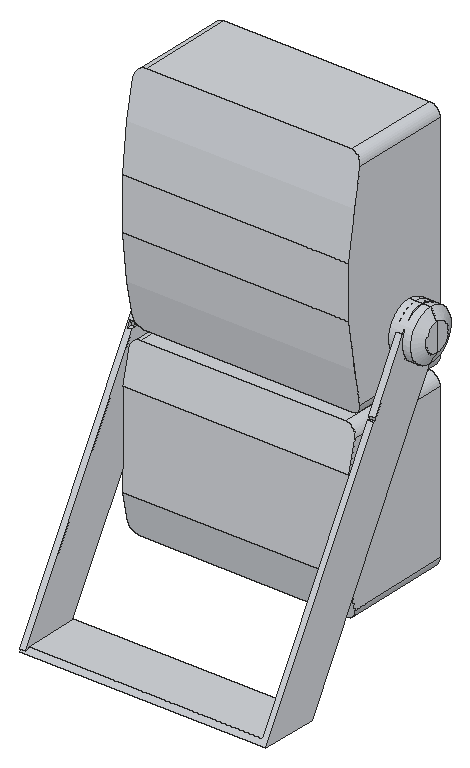
Revit family "Lighting-Floodlights-GEWISS-SMART[PRO]2.0-LED-MEDIUM-POWER_1MODULE_DALI.CLI", category Apparecchi per illuminazione, host Superficie, Revit 2019
Family settings
  Host = Superficie
  Quota connettore circolare = Usa diametro
  Tipo di parte = Normale
  Taglio con vuoti quando caricato = No
  Sorgente d'illuminazione = No
  Condiviso = No
  Punto di calcolo locali = Sì
Parameters (values of type "GWP2185ND - SMARTPRO2.0 1M 5700K CRI80 A3 DALI CL1")
  Wiring = "Watertight connector"
  Weight (kg): = "5,7"
  Warranty = "5 years"
  Voltage- = ""
  Versions = "5700K cold light"
  Version file RFA = "20.11"
  VISIBILITA' SIMBOLO [instance] = yes
  VISIBILITA' PROIETTORE IN PIANTA [instance] = not(VISIBILITA' SIMBOLO)  # no
  Unique digital code (Datamatrix) = "Currently not present"
  Unified Glare Rating = "G*6 - ULOR = 0"
  URL = "https://www.gewiss.com/ww/en"
  Typology = ""
  Type of light source = "LED - Not replaceable"
  Tilt- = "Rotation on bracket with integrated goniometer"
  Technical sheet = "https://www.gewiss.com/ww/en/search?q=GWP2185ND"
  System power = "165W"
  Supply voltage = "220 - 240 V"
  Stocking temperature = "-"
  Standards and approvals = "-"
  Standard- = "EN60598-1; EN60598-2-5; EN60598-2-24; IEC 62778; IEC62471; EN13201"
  Standard Deviation Colour Matching = "SDCM = 3"
  Spostamento_y_anteriore [instance] = 400 mm
  Spostamento_x_effettivo_ET [instance] = 4000 mm - Spostamento_x_ET  # 2938.794 mm
  Spostamento_x_effettivo [instance] = 4000 mm - Spostamento_x  # 2938.794 mm
  Spostamento_x_ET [instance] = 1061.206 mm
  Spostamento_x [instance] = 1061.206 mm
  Shock resistance = "IK08"
  Shield type = "Flat tempered glass 4mm"
  SEO = "Floodlight"
  Regolazione inclinazione = ""
  Realized by GEWISS S.p.A. = ""
  Rated frequency (Hz) = "50 / 60"
  Default Elevation = 1219.2 mm
  Produttore = "GEWISS S.p.A."
  Photobiological Risk Class = "-"
  Overvoltage resistance : = ""
  Overvoltage protection = "DM 6 kV / CM 10 kV"
  Optic and illuminating features = "-"
  Optic Maintenance = "Not available"
  Optic : = "Polished anodised aluminum reflector with 99.99% pure aluminum"
  Optic = "A3 - Assymetric Narrow"
  Operating temperature: = ""
  Operating temperature : = "-30 +50 °C"
  Number of modules = ""
  Nome quadro [instance] = "330W"
  Mouting and installation = "High-mast lighting - Wall mounting - Ground mouting"
  Modello = "GWP2185ND"
  Minimum distance from the illuminated object = ""
  Maximum surface exposed to the wind : = "0,085 m2"
  Maximum surface exposed to the wind = ""
  Materials = "-"
  Luminaire = "LED luminaire with small,mid and high lumen power"
  Lumen output (lm) = "17600"
  Locking Hook = "Hexagonal metric screws"
  Lifetime = "L90B10 (Tq+25°C) - 50000h L90B10 (Tq+50°C) = 32000h L80B10 (Tq+25°C) - 110000h"
  Life Time L90B10 (Tq 50Â°C) : = ""
  Life Time L90B10 (Tq 40Â°C) = ""
  Life Time L90B10 (Tq 25Â°C) : = ""
  Life Time L80B10 (Tq 25Â°C) = ""
  Lamp- = ""
  LED current = ""
  LED Maintenance = "Not available"
  Insulation class = "I"
  Installationa and maintenance = "-"
  Immagine tipo = SMARTPRO20_1M.jpg
  IPEA = "ROAD = A // LARGE AREAS = A3 + // CYCLOPEDONALS = A + // GREEN AREAS = A + // HISTORICAL CENTER = A5 + // OTHER = A5 +"
  IP degree = "IP66"
  IDT = "706d4f98386b454aa472bb2581cb3bfe"
  IDF = "6b732f17-0807-4800-995f-8617eb2233d5"
  Glow Wire Test : = "-"
  General information = "-"
  Gasket = "Anti-aging silicone"
  GW - Codice Electrocod = "2424"
  Flusso nominale = ""
  Fixing = "Bracket"
  External screw = "Stainless steel"
  Eletrical and lighting features = "-"
  Efficiency (lm/W) = "107"
  Driver Box = "Built-in"
  Driver = "Included"
  Device with reduced surface temperature = "Yes"
  Descrizione = "SMARTPRO2.0 1M 5700K CRI80 A3 DALI CL1"
  DIN 18032-3 certification = "Yes"
  Control System = "DALI"
  Context = "Sport, Big Areas"
  Colour temperature: = ""
  Colour temperature = "5700K"
  Colour : = "Polyester powder coated"
  Colour = "Graphite grey"
  Color Rendering Index = "CRI-80"
  Classification: = "-"
  Catalogue Range = ""
  Catalogue = "LIGHTING"
  COBie.Tagnumber = ""
  COBie.CreatedOn = ""
  COBie.CreatebBy = ""
  COBie.ComponentRegisterItemID = ""
  COBie.Component.TagNumber = ""
  COBie.Component.Space = ""
  COBie.Component.SerialNumber = ""
  COBie.Component.InstallationDate = ""
  COBie.Component.Description = ""
  COBie.Component.BarCode = ""
  Body = "Die-cast aluminium -"
  Applicazione = "Indoor / Outdoor"
Reference planes
  plane 1 "Centro (Fronte/Retro)": y = 0
  plane 2: z = 0
  plane 3 "Centro (Sinistra/Destra)": x = 0
  plane 4: x = -2938.794
  plane 5: x = 0
  plane 6: x = 0
  plane 7: x = -110.332
  plane 8: x = 0
  plane 9: z = 400
Lines and regions (mm)
  Masking region 1, visible <- "VISIBILITA' PROIETTORE IN PIANTA"
    outline origin (0, 0, 0) x (1, 0, 0) y (0, 1, 0)
      loop
        line (-113.096, 45.653) -> (-113.096, -114.347) -> (116.904, -114.347) -> (116.904, 45.653) -> (127.64, 45.653) -> (133.668, 56.093) -> (133.668, 82.169) -> (127.64, 92.61) -> (106.168, 92.61) -> (106.168, 106.682) -> (-106.168, 106.682) -> (-106.168, 92.61) -> (-127.64, 92.61) -> (-133.668, 82.169) -> (-133.668, 56.093) -> (-127.64, 45.653) -> (-113.096, 45.653)
  Masking region 2, visible <- "VISIBILITA' PROIETTORE IN PIANTA"
    outline origin (0, 0, 0) x (1, 0, 0) y (0, 0, 1)
      loop
        line (-103.332, 218.171) -> (106.168, 218.171) -> (106.168, 246.133) -> (127.64, 246.133) -> (133.668, 256.573) -> (133.668, 282.649) -> (127.64, 293.081) -> (106.168, 293.081) -> (106.168, 438.501) -> (-106.168, 438.501) -> (-106.168, 296.105) -> (-127.64, 296.105) -> (-133.668, 285.674) -> (-133.668, 259.598) -> (-127.64, 249.157) -> (-103.332, 249.157) -> (-103.332, 218.171)
      loop
        line (-103.332, 212.854) -> (-103.332, 48.854) -> (106.168, 48.854) -> (106.168, 212.854) -> (-103.332, 212.854)
  Masking region 3, visible <- "VISIBILITA' PROIETTORE IN PIANTA"
    outline origin (0, 0, 0) x (1, 0, 0) y (0, 0, 1)
      loop
        line (-115.056, 249.157) -> (-115.056, 0) -> (119.168, 0) -> (119.168, 246.133) -> (113.168, 246.133) -> (113.168, 5) -> (-110.332, 5) -> (-110.332, 249.157) -> (-115.056, 249.157)
Dimensions and locks
  plane 4 to plane 3 "Centro (Sinistra/Destra)" = 2938.794 mm
  "Spostamento_x_effettivo": plane 4 to plane 5
  "Spostamento_x_effettivo_ET": plane 4 to plane 6
  Masking region 2 sketch curve to nested 1 = 7 mm
  "Spostamento_x_effettivo": plane 8 to plane 4
  "Spostamento_y_anteriore": plane 9 to plane 2
  aligned and locked: plane 2 to host face
  aligned and locked: level to host face
  aligned and locked: plane 1 "Centro (Fronte/Retro)" to nested 1
  aligned and locked: plane 5 to nested 3
  aligned and locked: plane 6 to nested 2
  aligned and locked: nested 4 to plane 8
  aligned and locked: nested 4 to plane 9
Automatic sketch dimensions
  host sketch curve to host sketch curve = 2438.4 mm  (x2)
  Masking region 1 sketch curve to plane 3 "Centro (Sinistra/Destra)" = 133.668 mm
  Masking region 1 sketch curve to Masking region 1 sketch curve = 6.028 mm  (x3)
  Masking region 1 sketch curve to plane 1 "Centro (Fronte/Retro)" = 45.653 mm  (x2)
  Masking region 1 sketch curve to Masking region 1 sketch curve = 21.472 mm  (x2)
  plane 3 "Centro (Sinistra/Destra)" to Masking region 1 sketch curve = 106.168 mm
  plane 3 "Centro (Sinistra/Destra)" to Masking region 1 sketch curve = 116.904 mm
  Masking region 1 sketch curve to Masking region 1 sketch curve = 10.736 mm
  plane 1 "Centro (Fronte/Retro)" to Masking region 1 sketch curve = 114.347 mm
  Masking region 1 sketch curve to Masking region 1 sketch curve = 10.44 mm  (x4)
  Masking region 1 sketch curve to Masking region 1 sketch curve = 26.076 mm  (x2)
  Masking region 1 sketch curve to Masking region 1 sketch curve = 14.072 mm
  Masking region 1 sketch curve to Masking region 1 sketch curve = 14.543 mm
  Masking region 2 sketch curve to Masking region 2 sketch curve = 6.028 mm  (x4)
  Masking region 2 sketch curve to Masking region 2 sketch curve = 24.307 mm
  Masking region 2 sketch curve to Masking region 2 sketch curve = 0 mm  (x2)
  Masking region 2 sketch curve to plane 3 "Centro (Sinistra/Destra)" = 106.168 mm
  level to Masking region 2 sketch curve = 48.854 mm
  Masking region 2 sketch curve to Masking region 2 sketch curve = 21.472 mm  (x2)
  Masking region 2 sketch curve to Masking region 2 sketch curve = 164 mm
  Masking region 2 sketch curve to Masking region 2 sketch curve = 5.317 mm
  Masking region 2 sketch curve to Masking region 2 sketch curve = 27.962 mm
  Masking region 2 sketch curve to Masking region 2 sketch curve = 30.986 mm
  Masking region 2 sketch curve to Masking region 2 sketch curve = 10.44 mm  (x2)
  Masking region 2 sketch curve to Masking region 2 sketch curve = 26.076 mm  (x2)
  Masking region 2 sketch curve to Masking region 2 sketch curve = 10.432 mm  (x2)
  Masking region 2 sketch curve to Masking region 2 sketch curve = 142.396 mm
  plane 3 "Centro (Sinistra/Destra)" to Masking region 2 sketch curve = 106.168 mm
  Masking region 3 sketch curve to level = 0 mm
  Masking region 3 sketch curve to plane 3 "Centro (Sinistra/Destra)" = 115.056 mm
  Masking region 3 sketch curve to Masking region 3 sketch curve = 4.724 mm
  level to Masking region 3 sketch curve = 5 mm
  plane 3 "Centro (Sinistra/Destra)" to Masking region 3 sketch curve = 113.168 mm
  Masking region 3 sketch curve to Masking region 3 sketch curve = 244.157 mm
  Masking region 3 sketch curve to Masking region 3 sketch curve = 6 mm
  Masking region 3 sketch curve to Masking region 3 sketch curve = 3.025 mm
Nested families
  nested 1: "Base_SMART[PRO]2.0 1M" at (-346.832, -103.584, 0), type "GWP2273AD - 3000K - Symm. S1 - 2x80 LED - 330W - IP66"
    with Vista in pianta no, VISIBILITA' SIMBOLO IN PIANTA no, VISIBILITA' SIMBOLO yes, VISIBILITA' PROIETTORE IN PIANTA yes, VISIBILITA' ETICHETTA yes, Distanza_x_ET 0 mm, Distanza_x 300 mm, Distanza_effettiva_y_sim 2433.54 mm, Distanza_effettiva_y_ET 1320 mm, Distanza_effettiva_x_ET 4000 mm, Distanza_effettiva_x 3700 mm
  nested 2: "ETICHETTA LIGHT" at (0, -183.617, 0), type "ETICHETTA LIGHT"
  nested 3: "PROIETTSMART - 2" at (0, 16.651, 0), visible <- "VISIBILITA' SIMBOLO", type "PROIETTSMART - 2"
  nested 4: "PROIETTSMART - 2" at (0, 0, 400) x (1, 0, 0) z (0, -1, 0), visible <- "VISIBILITA' SIMBOLO", type "PROIETTSMART - 2"
Definition of nested family "Base_SMART[PRO]2.0 1M"
  Parameters (values of type "GWP2273AD - 3000K - Symm. S1 - 2x80 LED - 330W - IP66")
    struttura = none
    l = 440 mm  # constant formula
    Vista in pianta [instance] = no
    VISIBILITA' PROIETTORE IN PIANTA [instance] = yes
    VISIBILITA' ETICHETTA [instance] = yes
    Vetro = none
    Versioni = "Luce calda 3000K"
    VISIBILITA' SIMBOLO IN PIANTA [instance] = not(VISIBILITA' SIMBOLO)  # no
    VISIBILITA' SIMBOLO [instance] = yes
    Tensione lampada = 230 V
    Temperatura di colore = "3000 K (CRI 70)"
    Superficie massima esposta al vento [mq] = "0,43"
    Serie = "SMART [PRO] 2.0"
    Resistenza agli urti = "IK08"
    Regolazione inclinazione = "-180° ÷ + 180° staffa"
    Default Elevation = 1219.2 mm
    Manufacturer = "GEWISS"
    Potenza di sistema = "330W"
    Peso (kg) = "13"
    Ottica = "Simmetrica S1"
    N° LED = "160"
    Numero moduli = "2 (2x80 LED)"
    Numero di poli = 2
    Model = "GWP2273AS"
    Lumen output (lm) = "34925"
    Lamp = "LED"
    Type Image = element 166027
    GW - Grado di protezione = "IP66"
    Garanzia = "5 anni"
    GEWISS SCHEDA TECNICA = "http://pro.gewiss.com/irj/portal/?NavigationTarget=pcd:portal_content/com.gewiss.ZPPFDMain/com.gewiss.ZPPFDITMain/com.gewiss.ZPPFDITMainDefault/com.gewiss.ZPPFDITPages/com.gewiss.ZPPFDITPagesAP/com.gewiss.ZPPFDITPagesAPCatalogo/com.gewiss.ZPPPDITAPProductDetail&codProd=GWP2273AD"
    Flusso nominale = "44800"
    Distanza_x_ET [instance] = 0 mm
    Distanza_x [instance] = 300 mm
    Distanza_effettiva_y_sim [instance] = 2433.54 mm
    Distanza_effettiva_y_ET [instance] = 1320 mm
    Distanza_effettiva_x_ET [instance] = 4000 mm - Distanza_x_ET  # 4000 mm
    Distanza_effettiva_x [instance] = 4000 mm - Distanza_x  # 3700 mm
    Description = "SMART PRO 2M 3000K CRI70 TYPE S1 DALI"
    GW - Codice Electrocod = "2424"
    Classe isolamento = "I"
    GW - Catalogo = "LIGHTING"
    Apparent Load = 330 VA
    Applicazione = "Interno / Esterno"
  Types (24, lengths in mm): name | Versioni | Temperatura di colore | Ottica | Lumen output (lm) | GEWISS SCHEDA TECNICA | Flusso nominale | Distanza_x | Distanza_effettiva_y_ET | Distanza_effettiva_x | Description
    GWP2273AD - 3000K - Symm. S1 - 2x80 LED - 330W - IP66 | "Luce calda 3000K" | "3000 K (CRI 70)" | "Simmetrica S1" | "34925" | "http://pro.gewiss.com/irj/portal/?NavigationTarget=pcd:portal_content/com.gewiss.ZPPFDMain/com.gewiss.ZPPFDITMain/com.gewiss.ZPPFDITMainDefault/com.gewiss.ZPPFDITPages/com.gewiss.ZPPFDITPagesAP/com.gewiss.ZPPFDITPagesAPCatalogo/com.gewiss.ZPPPDITAPProductDetail&codProd=GWP2273AD" | "44800" | 300 | 1320 | 3700 | "SMART PRO 2M 3000K CRI70 TYPE S1 DALI"
    GWP2273BD - 3000K - Symm. S2 - 2x80 LED - 330W - IP66 | "Luce calda 3000K" | "3000 K (CRI 70)" | "Simmetrica S2" | "37137" | "http://pro.gewiss.com/irj/portal/?NavigationTarget=pcd:portal_content/com.gewiss.ZPPFDMain/com.gewiss.ZPPFDITMain/com.gewiss.ZPPFDITMainDefault/com.gewiss.ZPPFDITPages/com.gewiss.ZPPFDITPagesAP/com.gewiss.ZPPFDITPagesAPCatalogo/com.gewiss.ZPPPDITAPProductDetail&codProd=GWP2273BD" | "44800" | 0 | 400 | 4000 | "SMART PRO 2M 3000K CRI70 TYPE S2 DALI"
    GWP2273CD - 3000K - Asymm. A1 - 2x80 LED - 330W - IP66 | "Luce calda 3000K" | "3000 K (CRI 70)" | "Asimmetrica A1" | "34141" | "http://pro.gewiss.com/irj/portal/?NavigationTarget=pcd:portal_content/com.gewiss.ZPPFDMain/com.gewiss.ZPPFDITMain/com.gewiss.ZPPFDITMainDefault/com.gewiss.ZPPFDITPages/com.gewiss.ZPPFDITPagesAP/com.gewiss.ZPPFDITPagesAPCatalogo/com.gewiss.ZPPPDITAPProductDetail&codProd=GWP2273CD" | "44800" | 0 | 400 | 4000 | "SMART PRO 2M 3000K CRI70 TYPE A1 DALI"
    GWP2273FD - 3000K - Asymm. A2 - 2x80 LED - 330W - IP66 | "Luce calda 3000K" | "3000 K (CRI 70)" | "Asimmetrica A2" | "29176" | "http://pro.gewiss.com/irj/portal/?NavigationTarget=pcd:portal_content/com.gewiss.ZPPFDMain/com.gewiss.ZPPFDITMain/com.gewiss.ZPPFDITMainDefault/com.gewiss.ZPPFDITPages/com.gewiss.ZPPFDITPagesAP/com.gewiss.ZPPFDITPagesAPCatalogo/com.gewiss.ZPPPDITAPProductDetail&codProd=GWP2273FD" | "44800" | 0 | 400 | 4000 | "SMART PRO 2M 3000K CRI70 TYPE A2 DALI"
    GWP2273GD - 3000K - Circ. C4 - 2x80 LED - 330W - IP66 | "Luce calda 3000K" | "3000 K (CRI 70)" | "Circolare C4" | "35261" | "http://pro.gewiss.com/irj/portal/?NavigationTarget=pcd:portal_content/com.gewiss.ZPPFDMain/com.gewiss.ZPPFDITMain/com.gewiss.ZPPFDITMainDefault/com.gewiss.ZPPFDITPages/com.gewiss.ZPPFDITPagesAP/com.gewiss.ZPPFDITPagesAPCatalogo/com.gewiss.ZPPPDITAPProductDetail&codProd=GWP2273GD" | "44800" | 0 | 400 | 4000 | "SMART PRO 2M 3000K CRI70 TYPE C4 DALI"
    GWP2273HD - 3000K - Circ. C3 - 2x80 LED - 330W - IP66 | "Luce calda 3000K" | "3000 K (CRI 70)" | "Circolare C3" | "35261" | "http://pro.gewiss.com/irj/portal/?NavigationTarget=pcd:portal_content/com.gewiss.ZPPFDMain/com.gewiss.ZPPFDITMain/com.gewiss.ZPPFDITMainDefault/com.gewiss.ZPPFDITPages/com.gewiss.ZPPFDITPagesAP/com.gewiss.ZPPFDITPagesAPCatalogo/com.gewiss.ZPPPDITAPProductDetail&codProd=GWP2273HD" | "44800" | 0 | 400 | 4000 | "SMART PRO 2M 3000K CRI70 TYPE C3 DALI"
    GWP2273LD - 3000K - Circ. C2 - 2x80 LED - 330W - IP66 | "Luce calda 3000K" | "3000 K (CRI 70)" | "Circolare C2" | "35261" | "http://pro.gewiss.com/irj/portal/?NavigationTarget=pcd:portal_content/com.gewiss.ZPPFDMain/com.gewiss.ZPPFDITMain/com.gewiss.ZPPFDITMainDefault/com.gewiss.ZPPFDITPages/com.gewiss.ZPPFDITPagesAP/com.gewiss.ZPPFDITPagesAPCatalogo/com.gewiss.ZPPPDITAPProductDetail&codProd=GWP2273LD" | "44800" | 0 | 400 | 4000 | "SMART PRO 2M 3000K CRI70 TYPE C2 DALI"
    GWP2273MD - 3000K - Circ. C1 - 2x80 LED - 330W - IP66 | "Luce calda 3000K" | "3000 K (CRI 70)" | "Circolare C1" | "35261" | "http://pro.gewiss.com/irj/portal/?NavigationTarget=pcd:portal_content/com.gewiss.ZPPFDMain/com.gewiss.ZPPFDITMain/com.gewiss.ZPPFDITMainDefault/com.gewiss.ZPPFDITPages/com.gewiss.ZPPFDITPagesAP/com.gewiss.ZPPFDITPagesAPCatalogo/com.gewiss.ZPPPDITAPProductDetail&codProd=GWP2273MD" | "44800" | 0 | 400 | 4000 | "SMART PRO 2M 3000K CRI70 TYPE C1 DALI"
    GWP2274AD - 4000K - Symm. S1 - 2x80 LED - 330W - IP66 | "Luce naturale 4000K" | "4000 K (CRI 70)" | "Simmetrica S1" | "37420" | "http://pro.gewiss.com/irj/portal/?NavigationTarget=pcd:portal_content/com.gewiss.ZPPFDMain/com.gewiss.ZPPFDITMain/com.gewiss.ZPPFDITMainDefault/com.gewiss.ZPPFDITPages/com.gewiss.ZPPFDITPagesAP/com.gewiss.ZPPFDITPagesAPCatalogo/com.gewiss.ZPPPDITAPProductDetail&codProd=GWP2274AD" | "48000" | 0 | 400 | 4000 | "SMART PRO 2M 4000K CRI70 TYPE S1 DALI"
    GWP2274BD - 4000K - Symm. S2 - 2x80 LED - 330W - IP66 | "Luce naturale 4000K" | "4000 K (CRI 70)" | "Simmetrica S2" | "39790" | "http://pro.gewiss.com/irj/portal/?NavigationTarget=pcd:portal_content/com.gewiss.ZPPFDMain/com.gewiss.ZPPFDITMain/com.gewiss.ZPPFDITMainDefault/com.gewiss.ZPPFDITPages/com.gewiss.ZPPFDITPagesAP/com.gewiss.ZPPFDITPagesAPCatalogo/com.gewiss.ZPPPDITAPProductDetail&codProd=GWP2274BD" | "48000" | 0 | 400 | 4000 | "SMART PRO 2M 4000K CRI70 TYPE S2 DALI"
    GWP2274CD - 4000K - Asymm. A1 - 2x80 LED - 330W - IP66 | "Luce naturale 4000K" | "4000 K (CRI 70)" | "Asimmetrica A1" | "36580" | "http://pro.gewiss.com/irj/portal/?NavigationTarget=pcd:portal_content/com.gewiss.ZPPFDMain/com.gewiss.ZPPFDITMain/com.gewiss.ZPPFDITMainDefault/com.gewiss.ZPPFDITPages/com.gewiss.ZPPFDITPagesAP/com.gewiss.ZPPFDITPagesAPCatalogo/com.gewiss.ZPPPDITAPProductDetail&codProd=GWP2274CD" | "48000" | 0 | 400 | 4000 | "SMART PRO 2M 4000K CRI70 TYPE A1 DALI"
    GWP2274FD - 4000K - Asymm. A2 - 2x80 LED - 330W - IP66 | "Luce naturale 4000K" | "4000 K (CRI 70)" | "Asimmetrica A2" | "31260" | "http://pro.gewiss.com/irj/portal/?NavigationTarget=pcd:portal_content/com.gewiss.ZPPFDMain/com.gewiss.ZPPFDITMain/com.gewiss.ZPPFDITMainDefault/com.gewiss.ZPPFDITPages/com.gewiss.ZPPFDITPagesAP/com.gewiss.ZPPFDITPagesAPCatalogo/com.gewiss.ZPPPDITAPProductDetail&codProd=GWP2274FD" | "48000" | 0 | 400 | 4000 | "SMART PRO 2M 4000K CRI70 TYPE A2 DALI"
    GWP2274GD - 4000K - Circ. C4 - 2x80 LED - 330W - IP66 | "Luce naturale 4000K" | "4000 K (CRI 70)" | "Circolare C4" | "37780" | "http://pro.gewiss.com/irj/portal/?NavigationTarget=pcd:portal_content/com.gewiss.ZPPFDMain/com.gewiss.ZPPFDITMain/com.gewiss.ZPPFDITMainDefault/com.gewiss.ZPPFDITPages/com.gewiss.ZPPFDITPagesAP/com.gewiss.ZPPFDITPagesAPCatalogo/com.gewiss.ZPPPDITAPProductDetail&codProd=GWP2274GD" | "48000" | 0 | 400 | 4000 | "SMART PRO 2M 4000K CRI70 TYPE C4 DALI"
    GWP2274HD - 4000K - Circ. C3 - 2x80 LED - 330W - IP66 | "Luce naturale 4000K" | "4000 K (CRI 70)" | "Circolare C3" | "37780" | "http://pro.gewiss.com/irj/portal/?NavigationTarget=pcd:portal_content/com.gewiss.ZPPFDMain/com.gewiss.ZPPFDITMain/com.gewiss.ZPPFDITMainDefault/com.gewiss.ZPPFDITPages/com.gewiss.ZPPFDITPagesAP/com.gewiss.ZPPFDITPagesAPCatalogo/com.gewiss.ZPPPDITAPProductDetail&codProd=GWP2274HD" | "48000" | 0 | 400 | 4000 | "SMART PRO 2M 4000K CRI70 TYPE C3 DALI"
    GWP2274LD - 4000K - Circ. C2 - 2x80 LED - 330W - IP66 | "Luce naturale 4000K" | "4000 K (CRI 70)" | "Circolare C2" | "37780" | "http://pro.gewiss.com/irj/portal/?NavigationTarget=pcd:portal_content/com.gewiss.ZPPFDMain/com.gewiss.ZPPFDITMain/com.gewiss.ZPPFDITMainDefault/com.gewiss.ZPPFDITPages/com.gewiss.ZPPFDITPagesAP/com.gewiss.ZPPFDITPagesAPCatalogo/com.gewiss.ZPPPDITAPProductDetail&codProd=GWP2274LD" | "48000" | 0 | 400 | 4000 | "SMART PRO 2M 4000K CRI70 TYPE C2 DALI"
    GWP2274MD - 4000K - Circ. C1 - 2x80 LED - 330W - IP66 | "Luce naturale 4000K" | "4000 K (CRI 70)" | "Circolare C1" | "37780" | "http://pro.gewiss.com/irj/portal/?NavigationTarget=pcd:portal_content/com.gewiss.ZPPFDMain/com.gewiss.ZPPFDITMain/com.gewiss.ZPPFDITMainDefault/com.gewiss.ZPPFDITPages/com.gewiss.ZPPFDITPagesAP/com.gewiss.ZPPFDITPagesAPCatalogo/com.gewiss.ZPPPDITAPProductDetail&codProd=GWP2274MD" | "48000" | 0 | 400 | 4000 | "SMART PRO 2M 4000K CRI70 TYPE C1 DALI"
    GWP2275AD - 5700K - Symm. S1 - 2x80 LED - 330W - IP66 | "Luce fredda 5700K" | "5700 K (CRI 70)" | "Simmetrica S1" | "37420" | "http://pro.gewiss.com/irj/portal/?NavigationTarget=pcd:portal_content/com.gewiss.ZPPFDMain/com.gewiss.ZPPFDITMain/com.gewiss.ZPPFDITMainDefault/com.gewiss.ZPPFDITPages/com.gewiss.ZPPFDITPagesAP/com.gewiss.ZPPFDITPagesAPCatalogo/com.gewiss.ZPPPDITAPProductDetail&codProd=GWP2275AD" | "48000" | 0 | 400 | 4000 | "SMART PRO 2M 5700K CRI70 TYPE S1 DALI"
    GWP2275BD - 5700K - Symm. S2 - 2x80 LED - 330W - IP66 | "Luce fredda 5700K" | "5700 K (CRI 70)" | "Simmetrica S2" | "39790" | "http://pro.gewiss.com/irj/portal/?NavigationTarget=pcd:portal_content/com.gewiss.ZPPFDMain/com.gewiss.ZPPFDITMain/com.gewiss.ZPPFDITMainDefault/com.gewiss.ZPPFDITPages/com.gewiss.ZPPFDITPagesAP/com.gewiss.ZPPFDITPagesAPCatalogo/com.gewiss.ZPPPDITAPProductDetail&codProd=GWP2275BD" | "48000" | 0 | 400 | 4000 | "SMART PRO 2M 5700K CRI70 TYPE S2 DALI"
    GWP2275CD - 5700K - Asymm. A1 - 2x80 LED - 330W - IP66 | "Luce fredda 5700K" | "5700 K (CRI 70)" | "Asimmetrica A1" | "36580" | "http://pro.gewiss.com/irj/portal/?NavigationTarget=pcd:portal_content/com.gewiss.ZPPFDMain/com.gewiss.ZPPFDITMain/com.gewiss.ZPPFDITMainDefault/com.gewiss.ZPPFDITPages/com.gewiss.ZPPFDITPagesAP/com.gewiss.ZPPFDITPagesAPCatalogo/com.gewiss.ZPPPDITAPProductDetail&codProd=GWP2275CD" | "48000" | 0 | 400 | 4000 | "SMART PRO 2M 5700K CRI70 TYPE A1 DALI"
    GWP2275FD - 5700K - Asymm. A2 - 2x80 LED - 330W - IP66 | "Luce fredda 5700K" | "5700 K (CRI 70)" | "Asimmetrica A2" | "31260" | "http://pro.gewiss.com/irj/portal/?NavigationTarget=pcd:portal_content/com.gewiss.ZPPFDMain/com.gewiss.ZPPFDITMain/com.gewiss.ZPPFDITMainDefault/com.gewiss.ZPPFDITPages/com.gewiss.ZPPFDITPagesAP/com.gewiss.ZPPFDITPagesAPCatalogo/com.gewiss.ZPPPDITAPProductDetail&codProd=GWP2275FD" | "48000" | 0 | 400 | 4000 | "SMART PRO 2M 5700K CRI70 TYPE A2 DALI"
    GWP2275GD - 5700K - Circ. C4 - 2x80 LED - 330W - IP66 | "Luce fredda 5700K" | "5700 K (CRI 70)" | "Circolare C4" | "37780" | "http://pro.gewiss.com/irj/portal/?NavigationTarget=pcd:portal_content/com.gewiss.ZPPFDMain/com.gewiss.ZPPFDITMain/com.gewiss.ZPPFDITMainDefault/com.gewiss.ZPPFDITPages/com.gewiss.ZPPFDITPagesAP/com.gewiss.ZPPFDITPagesAPCatalogo/com.gewiss.ZPPPDITAPProductDetail&codProd=GWP2275GD" | "48000" | 0 | 400 | 4000 | "SMART PRO 2M 5700K CRI70 TYPE C4 DALI"
    GWP2275HD - 5700K - Circ. C3 - 2x80 LED - 330W - IP66 | "Luce fredda 5700K" | "5700 K (CRI 70)" | "Circolare C3" | "37780" | "http://pro.gewiss.com/irj/portal/?NavigationTarget=pcd:portal_content/com.gewiss.ZPPFDMain/com.gewiss.ZPPFDITMain/com.gewiss.ZPPFDITMainDefault/com.gewiss.ZPPFDITPages/com.gewiss.ZPPFDITPagesAP/com.gewiss.ZPPFDITPagesAPCatalogo/com.gewiss.ZPPPDITAPProductDetail&codProd=GWP2275HD" | "48000" | 0 | 400 | 4000 | "SMART PRO 2M 5700K CRI70 TYPE C3 DALI"
    GWP2275LD - 5700K - Circ. C2 - 2x80 LED - 330W - IP66 | "Luce fredda 5700K" | "5700 K (CRI 70)" | "Circolare C2" | "37780" | "http://pro.gewiss.com/irj/portal/?NavigationTarget=pcd:portal_content/com.gewiss.ZPPFDMain/com.gewiss.ZPPFDITMain/com.gewiss.ZPPFDITMainDefault/com.gewiss.ZPPFDITPages/com.gewiss.ZPPFDITPagesAP/com.gewiss.ZPPFDITPagesAPCatalogo/com.gewiss.ZPPPDITAPProductDetail&codProd=GWP2275LD" | "48000" | 0 | 400 | 4000 | "SMART PRO 2M 5700K CRI70 TYPE C2 DALI"
    GWP2275MD - 5700K - Circ. C1 - 2x80 LED - 330W - IP66 | "Luce fredda 5700K" | "5700 K (CRI 70)" | "Circolare C1" | "37780" | "http://pro.gewiss.com/irj/portal/?NavigationTarget=pcd:portal_content/com.gewiss.ZPPFDMain/com.gewiss.ZPPFDITMain/com.gewiss.ZPPFDITMainDefault/com.gewiss.ZPPFDITPages/com.gewiss.ZPPFDITPagesAP/com.gewiss.ZPPFDITPagesAPCatalogo/com.gewiss.ZPPPDITAPProductDetail&codProd=GWP2275MD" | "48000" | 0 | 400 | 4000 | "SMART PRO 2M 5700K CRI70 TYPE C1 DALI"
  Reference planes
    plane 1 "Centro (Fronte/Retro)": y = 0
    plane 2: z = 0
    plane 3 "Centro (Sinistra/Destra)": x = 0
    plane 4: z = 5
    plane 5: x = 466
    plane 6: x = 460
    plane 7: y = -9.551
    plane 8: y = 43.565
    plane 9: z = 267.876
    plane 10: z = 218.171
    plane 11: z = 212.854
    plane 12: x = 453
    plane 13: z = 438.501
    plane 14: x = 236.5
    plane 15: z = 48.854
    plane 16 "fronte": y = 210.266
    plane 17: y = 103.584
    plane 18: z = 428.501
    plane 19: z = 228.171
    plane 20: x = 443
    plane 21: y = 200.266
    plane 22: x = 220.335
    plane 23: x = 252.665
    plane 24: y = 195.345
    plane 25: z = 367.712
    plane 26: z = 306.922
    plane 27: x = 254.665
    plane 28: x = 441
    plane 29: z = 246.133
    plane 30: z = 426.501
    plane 31: z = 365.712
    plane 32: z = 369.712
    plane 33: z = 308.922
    plane 34: z = 304.922
    plane 35: z = 248.133
    plane 36: z = 244.133
    plane 37: x = -3763.5
    plane 38: x = 240.665
    plane 39: x = 213.665
    plane 40: x = 346.832
    plane 41: x = 236.5
  Forms (mm)
    Extrusion 1, solid
      sketch origin (0, 0, 2.872) x (0, 1, 0) y (0, 0, 1)
        loop
          line (153.15, 281.807) -> (-9.551, 0) -> (43.565, 0) -> (192.952, 258.745)
          arc (192.952, 258.745) -> (184.564, 290.146) -> (153.15, 281.807) r 23
      from 235.316 to 240.665
    Extrusion 2, solid
      sketch origin (448.871, 0, 0) x (0, 1, 0) y (0, 0, -1)
        loop
          arc (153.15, -281.807) -> (184.564, -290.146) -> (192.952, -258.745) r 23
          line (192.952, -258.745) -> (43.565, 0) -> (-9.551, 0) -> (153.15, -281.807)
      from -17.129 to -11.129
    Extrusion 3, solid
      sketch origin (0, 0, 0) x (0, 1, 0) y (0, 0, 1)
        loop
          line (46.452, 5) -> (-6.664, 5) -> (-9.551, 0) -> (43.565, 0) -> (46.452, 5)
      from 235.316 to 466
    Extrusion 4, solid
      sketch origin (0, 0, 0) x (1, 0, 0) y (0, 0, 1)
        loop
          arc (250.665, 438.501) -> (243.594, 435.572) -> (240.665, 428.501) r 10
          line (240.665, 428.501) -> (240.665, 228.171)
          arc (240.665, 228.171) -> (243.594, 221.1) -> (250.665, 218.171) r 10
          line (250.665, 218.171) -> (443, 218.171)
          arc (443, 218.171) -> (450.071, 221.1) -> (453, 228.171) r 10
          line (453, 228.171) -> (453, 428.501)
          arc (453, 428.501) -> (450.071, 435.572) -> (443, 438.501) r 10
          line (443, 438.501) -> (250.665, 438.501)
      from -210.266 to -103.584
    Extrusion 5, solid
      sketch origin (0, 0, 0) x (1, 0, 0) y (0, 0, 1)
        loop
          line (250.665, 48.854) -> (443, 48.854)
          arc (443, 48.854) -> (450.071, 51.783) -> (453, 58.854) r 10
          line (453, 58.854) -> (453, 202.854)
          arc (453, 202.854) -> (450.071, 209.925) -> (443, 212.854) r 10
          line (443, 212.854) -> (250.665, 212.854)
          arc (250.665, 212.854) -> (243.594, 209.925) -> (240.665, 202.854) r 10
          line (240.665, 202.854) -> (240.665, 58.854)
          arc (240.665, 58.854) -> (243.594, 51.783) -> (250.665, 48.854) r 10
      from -210.266 to -103.584
    Extrusion 6, void
      sketch origin (0, 0, 0) x (0, 1, 0) y (0, 0, 1)
        loop
          line (0, 438.501) -> (0, 218.171) -> (119.109, 218.171)
          arc (119.109, 218.171) -> (108.875, 260.63) -> (103.584, 303.983) r 379.693
          line (103.584, 303.983) -> (103.584, 352.689)
          arc (103.584, 352.689) -> (108.875, 396.042) -> (119.109, 438.501) r 379.693
          line (119.109, 438.501) -> (0, 438.501)
      from 236.5 to 466
    Extrusion 7, void
      sketch origin (0, 0, 0) x (1, 0, 0) y (0, 0, 1)
        loop
          arc (262.665, 428.501) -> (255.594, 425.572) -> (252.665, 418.501) r 10
          line (252.665, 418.501) -> (252.665, 238.171)
          arc (252.665, 238.171) -> (255.594, 231.1) -> (262.665, 228.171) r 10
          line (262.665, 228.171) -> (433, 228.171)
          arc (433, 228.171) -> (440.071, 231.1) -> (443, 238.171) r 10
          line (443, 238.171) -> (443, 418.501)
          arc (443, 418.501) -> (440.071, 425.572) -> (433, 428.501) r 10
          line (433, 428.501) -> (262.665, 428.501)
      from -210.266 to -200.266
    Extrusion 8, solid, material <- "Vetro"
      sketch origin (0, 0, 0) x (1, 0, 0) y (0, 0, 1)
        loop
          line (252.665, 418.501) -> (252.665, 238.171)
          arc (252.665, 238.171) -> (255.594, 231.1) -> (262.665, 228.171) r 10
          line (262.665, 228.171) -> (433, 228.171)
          arc (433, 228.171) -> (440.071, 231.1) -> (443, 238.171) r 10
          line (443, 238.171) -> (443, 418.501)
          arc (443, 418.501) -> (440.071, 425.572) -> (433, 428.501) r 10
          line (433, 428.501) -> (262.665, 428.501)
          arc (262.665, 428.501) -> (255.594, 425.572) -> (252.665, 418.501) r 10
      from -210.266 to -200.266
    Extrusion 9, void
      sketch origin (0, 0, 0) x (0, 1, 0) y (0, 0, 1)
        loop
          line (103.584, 86.118) -> (103.584, 175.59)
          arc (103.584, 175.59) -> (107.698, 194.338) -> (112.752, 212.854) r 380
          line (112.752, 212.854) -> (0, 212.854) -> (0, 48.854) -> (112.752, 48.854)
          arc (112.752, 48.854) -> (107.698, 67.37) -> (103.584, 86.118) r 380
      from 240.665 to 453
    Revolve 10, solid
      sketch origin (287.979, 172.716, 2.872) x (1, 0, 0) y (0, 0, 1)
        loop
          line (-74.814, 269.764) -> (-47.314, 269.764) -> (-47.314, 293.242) -> (-68.786, 293.242) -> (-74.814, 282.802) -> (-74.814, 269.764)
        axis (-74.814, 269.764) -> (-47.314, 269.764)
      angle from 0 to 360
    Revolve 11, solid
      sketch origin (0, 172.716, 0) x (1, 0, 0) y (0, 0, 1)
        loop
          line (480.171, 269.764) -> (480.171, 282.802) -> (474.143, 293.242) -> (452.671, 293.242) -> (452.671, 269.764) -> (480.171, 269.764)
        axis (480.171, 269.764) -> (452.671, 269.764)
      angle from 0 to 360
    Extrusion 12, solid, detail levels medium+fine
      sketch origin (0, 0, 0) x (1, 0, 0) y (0, 0, 1)
        loop
          line (441, 426.501) -> (381.555, 426.501) -> (381.555, 369.712) -> (441, 369.712) -> (441, 426.501)
        loop
          line (441, 365.712) -> (381.555, 365.712) -> (381.555, 308.922) -> (441, 308.922) -> (441, 365.712)
        loop
          line (377.555, 426.501) -> (318.11, 426.501) -> (318.11, 369.712) -> (377.555, 369.712) -> (377.555, 426.501)
        loop
          line (314.11, 426.501) -> (254.665, 426.501) -> (254.665, 369.712) -> (314.11, 369.712) -> (314.11, 426.501)
        loop
          line (441, 304.922) -> (381.555, 304.922) -> (381.555, 248.133) -> (441, 248.133) -> (441, 304.922)
        loop
          line (443, 244.133) -> (443, 306.484) -> (443, 369.712) -> (443, 428.501) -> (252.665, 428.501) -> (252.665, 244.133) -> (314.11, 244.133) -> (379.861, 244.133) -> (443, 244.133)
        loop
          line (377.555, 365.712) -> (318.11, 365.712) -> (318.11, 308.922) -> (377.555, 308.922) -> (377.555, 365.712)
        loop
          line (377.555, 304.922) -> (318.11, 304.922) -> (318.11, 248.133) -> (377.555, 248.133) -> (377.555, 304.922)
        loop
          line (314.11, 365.712) -> (254.665, 365.712) -> (254.665, 308.922) -> (314.11, 308.922) -> (314.11, 365.712)
        loop
          line (314.11, 304.922) -> (254.665, 304.922) -> (254.665, 248.133) -> (314.11, 248.133) -> (314.11, 304.922)
      from -200.266 to -195.345
  Cuts and joins
    Extrusion 6, Extrusion 9 cuts Extrusion 1
    Extrusion 6, Extrusion 9 cuts Extrusion 2
    Extrusion 6, Extrusion 9 cuts Extrusion 3
    joined: Extrusion 1, Extrusion 2, Extrusion 3
    Extrusion 6, Extrusion 7 cuts Extrusion 4
    Extrusion 9 cuts Extrusion 5
  Dimensions and locks
    locked: plane 4 to level at 5
    locked: plane 5 to plane 6 at 6
    plane 9 to plane 2 = 267.876 mm
    plane 10 to plane 11 = 5.317 mm
    locked: plane 6 to plane 12 at 7
    plane 13 to plane 10 = 220.33 mm
    plane 6 to plane 14 = 223.5 mm
    locked: plane 13 to plane 18 at 10
    locked: plane 12 to plane 20 at 10
    locked: plane 19 to plane 10 at 10
    locked: plane 21 to plane 16 "fronte" at 10
    equal spacing: plane 23, plane 14, plane 22
    plane 23 to plane 22 = 32.329 mm
    locked: plane 24 to plane 21 at 4.921
    plane 20 to plane 23 = 190.335 mm
    locked: plane 27 to plane 23 at 2
    equal spacing: plane 29, plane 26, plane 25, plane 18
    locked: plane 36 to plane 35 at 4
    locked: plane 34 to plane 33 at 4
    locked: plane 31 to plane 32 at 4
    locked: plane 30 to plane 18 at 2
    locked: plane 28 to plane 20 at 2
    plane 23 to plane 38 = 12 mm
    radius of Extrusion 4 sketch curve = 10 mm  (x4)
    radius of Extrusion 5 sketch curve = 10 mm  (x4)
    radius of Extrusion 7 sketch curve = 10 mm  (x4)
    radius of Extrusion 8 sketch curve = 10 mm  (x4)
    aligned and locked: level to plane 2
    aligned and locked: plane 5 to Extrusion 2
    aligned and locked: Extrusion 2 to plane 6
    aligned and locked: Extrusion 3 sketch curve to plane 4
    aligned and locked: Extrusion 3 sketch curve to level
    aligned and locked: cut or joined group of Extrusion 1, Extrusion 2, Extrusion 3, Extrusion 6, Extrusion 9 to Extrusion 3 sketch curve
    aligned and locked: Extrusion 3 sketch curve to cut or joined group of Extrusion 1, Extrusion 2, Extrusion 3, Extrusion 6, Extrusion 9
    aligned and locked: plane 5 to cut or joined group of Extrusion 1, Extrusion 2, Extrusion 3, Extrusion 6, Extrusion 9
    aligned and locked: Extrusion 4 sketch curve to plane 13
    aligned and locked: Extrusion 4 sketch curve to plane 12
    aligned and locked: Extrusion 4 sketch curve to plane 10
    aligned and locked: Extrusion 5 sketch curve to plane 15
    aligned and locked: Extrusion 5 sketch curve to plane 11
    aligned and locked: Extrusion 5 sketch curve to plane 12
    aligned and locked: plane 16 "fronte" to Extrusion 4
    aligned and locked: Extrusion 5 to Extrusion 4
    aligned and locked: plane 17 to Extrusion 4
    aligned and locked: Extrusion 4 to Extrusion 5
    aligned and locked: Extrusion 6 sketch curve to plane 13
    aligned and locked: Extrusion 6 sketch curve to plane 17
    aligned and locked: Extrusion 6 sketch curve to plane 1 "Centro (Fronte/Retro)"
    aligned and locked: Extrusion 6 sketch curve to plane 10
    aligned and locked: plane 5 to Extrusion 6
    aligned and locked: Extrusion 7 sketch curve to plane 18
    aligned and locked: Extrusion 7 sketch curve to plane 19
    aligned and locked: Extrusion 7 sketch curve to plane 20
    aligned and locked: plane 16 "fronte" to Extrusion 7
    aligned and locked: Extrusion 7 to plane 21
    aligned and locked: Extrusion 8 sketch curve to plane 18
    aligned and locked: Extrusion 8 sketch curve to plane 19
    aligned and locked: Extrusion 8 sketch curve to plane 20
    aligned and locked: plane 16 "fronte" to Extrusion 8
    aligned and locked: Extrusion 8 to plane 21
    aligned and locked: Extrusion 9 sketch curve to plane 17
    aligned and locked: Extrusion 9 sketch curve to plane 11
    aligned and locked: Extrusion 9 sketch curve to plane 15
    aligned and locked: Extrusion 9 sketch curve to plane 1 "Centro (Fronte/Retro)"
    aligned and locked: plane 12 to Extrusion 9
    aligned and locked: plane 28 to Extrusion 12 sketch curve
    aligned and locked: plane 30 to Extrusion 12 sketch curve
    aligned and locked: plane 32 to Extrusion 12 sketch curve  (x2)
    aligned and locked: plane 31 to Extrusion 12 sketch curve
    aligned and locked: plane 33 to Extrusion 12 sketch curve
    aligned and locked: plane 34 to Extrusion 12 sketch curve
    aligned and locked: plane 36 to Extrusion 12 sketch curve
    aligned and locked: plane 35 to Extrusion 12 sketch curve  (x2)
    aligned and locked: plane 18 to Extrusion 12 sketch curve
    aligned and locked: plane 20 to Extrusion 12 sketch curve
    aligned and locked: plane 23 to Extrusion 12 sketch curve
    aligned and locked: plane 21 to Extrusion 12
    aligned and locked: plane 24 to Extrusion 12
    aligned and locked: import instance to plane 16 "fronte"
    aligned and locked: Extrusion 9 to Extrusion 1
    aligned and locked: plane 38 to Extrusion 5 sketch curve
  Automatic sketch dimensions
    Revolve 10 sketch curve to Revolve 10 sketch curve = 0 mm  (x2)
    Revolve 10 sketch curve to Revolve 10 sketch curve = 21.472 mm
    Revolve 10 sketch curve to Revolve 10 sketch curve = 6.028 mm
    Revolve 10 sketch curve to Revolve 10 sketch curve = 10.44 mm
    Revolve 10 sketch curve to Revolve 10 sketch curve = 13.038 mm
    Revolve 10 sketch curve to Revolve 10 sketch curve = 7.329 mm
    Revolve 11 sketch curve to Revolve 11 sketch curve = 0 mm  (x2)
    Revolve 11 sketch curve to Revolve 11 sketch curve = 21.472 mm
    Revolve 11 sketch curve to Revolve 11 sketch curve = 6.028 mm
    Revolve 11 sketch curve to Revolve 11 sketch curve = 10.44 mm
    Revolve 11 sketch curve to Revolve 11 sketch curve = 13.038 mm
    Revolve 11 sketch curve to Revolve 11 sketch curve = 7.329 mm
    level to Extrusion 1 sketch curve = 2.872 mm
    Extrusion 1 sketch curve to plane 7 = 0 mm
    Extrusion 1 sketch curve to plane 8 = 0 mm
    plane 9 to Extrusion 1 sketch curve = 16.803 mm
    plane 24 to Extrusion 1 sketch curve = 42.194 mm
    plane 9 to Extrusion 1 sketch curve = 5.242 mm
    plane 24 to Extrusion 1 sketch curve = 22.312 mm
    plane 24 to Extrusion 1 sketch curve = 2.393 mm
    Extrusion 1 sketch curve to Extrusion 1 sketch curve = 0 mm  (x2)
    Extrusion 2 sketch curve to level = 0 mm
    Extrusion 2 sketch curve to plane 7 = 0 mm
    Extrusion 2 sketch curve to plane 8 = 0 mm
    plane 9 to Extrusion 2 sketch curve = 13.931 mm
    plane 24 to Extrusion 2 sketch curve = 42.194 mm
    plane 9 to Extrusion 2 sketch curve = 2.369 mm
    plane 24 to Extrusion 2 sketch curve = 22.312 mm
    plane 24 to Extrusion 2 sketch curve = 2.393 mm
    Extrusion 2 sketch curve to Extrusion 2 sketch curve = 0 mm  (x2)
    Extrusion 6 sketch curve to Extrusion 6 sketch curve = 15.525 mm  (x2)
    plane 33 to Extrusion 6 sketch curve = 19.303 mm
    plane 16 "fronte" to Extrusion 6 sketch curve = 272.237 mm
    Extrusion 6 sketch curve to Extrusion 6 sketch curve = 0 mm
    Extrusion 6 sketch curve to Extrusion 6 sketch curve = 0.222 mm
    Extrusion 9 sketch curve to plane 17 = 9.168 mm  (x2)
    plane 15 to Extrusion 9 sketch curve = 54.7 mm
    plane 16 "fronte" to Extrusion 9 sketch curve = 266.428 mm
    Extrusion 9 sketch curve to Extrusion 9 sketch curve = 0 mm
    Extrusion 9 sketch curve to Extrusion 9 sketch curve = 37.264 mm
    Extrusion 12 sketch curve to plane 27 = 0 mm  (x3)
    plane 28 to Extrusion 12 sketch curve = 0 mm  (x2)
    Extrusion 12 sketch curve to plane 35 = 0 mm
    Extrusion 12 sketch curve to plane 34 = 0 mm  (x2)
    Extrusion 12 sketch curve to plane 33 = 0 mm  (x2)
    Extrusion 12 sketch curve to plane 31 = 0 mm  (x2)
    Extrusion 12 sketch curve to plane 32 = 0 mm  (x2)
    Extrusion 12 sketch curve to plane 30 = 0 mm  (x2)
    Extrusion 12 sketch curve to plane 26 = 0.438 mm
    plane 9 to Revolve 10 sketch curve = 4.76 mm
    Revolve 11 sketch curve to plane 6 = 0 mm
    plane 9 to Revolve 11 sketch curve = 1.888 mm
    plane 14 to Extrusion 8 sketch curve = 16.165 mm
    plane 14 to Extrusion 7 sketch curve = 16.165 mm
    plane 22 to Extrusion 4 sketch curve = 20.329 mm
    Revolve 10 sketch curve to plane 38 = 0 mm
    plane 27 to Extrusion 12 sketch curve = 59.445 mm  (x2)
    Extrusion 12 sketch curve to Extrusion 12 sketch curve = 0 mm  (x5)
    Extrusion 12 sketch curve to Extrusion 12 sketch curve = 4 mm  (x4)
    Extrusion 12 sketch curve to Extrusion 12 sketch curve = 59.445 mm  (x2)
    Extrusion 12 sketch curve to Extrusion 12 sketch curve = 2.306 mm
  Connectors
    electrical at (346.832, 103.584, 328.336), driven by "Tensione lampada", driven by "Apparent Load", driven by "Numero di poli"
      settings: on cut or joined group of Extrusion 4, Extrusion 6, Extrusion 7, index 1, voltage 230 V, apparent load 0 VA, apparent load phase1 330 VA, apparent load phase2 0 VA, apparent load phase3 0 VA, power factor 1, load classification none, number of poles 2, system type 31, power factor state 1, is connector primary yes, connector utility no, sub classification motor no, connector description ""
Definition of nested family "ETICHETTA LIGHT"
  Parameters (values of type "ETICHETTA LIGHT")
    COMMENTI = "330W"
  Reference planes
    plane 1: y = 0
    plane 2: x = 0
  Text (mm)
    label "COMMENTI" at (-0.057, 0.105, 0), shows "COMMENTI"
Definition of nested family "PROIETTSMART - 2"
  Reference planes
    plane 1 "Centro (Fronte/Retro)": y = 0
    plane 2: z = 0
    plane 3 "Centro (Sinistra/Destra)": x = 0
  Lines and regions (mm)
    model lines, in view "Livello rif."
      curve 1: line (128.701, 60.096, 0) -> (128.701, -73.398, 0)
      curve 2: line (128.701, -73.398, 0) -> (-131.299, -73.398, 0)
      curve 3: line (-131.299, -73.398, 0) -> (-131.299, 60.096, 0)
      curve 4: line (-131.299, 60.096, 0) -> (128.701, 60.096, 0)
      curve 5: line (-39.438, -28.166, 0) -> (-82.637, -6.659, 0)
      curve 6: line (-82.637, -6.659, 0) -> (-39.438, 15.107, 0)
      curve 7: line (-39.438, 15.107, 0) -> (-39.438, -28.166, 0)
      curve 8: line (-82.637, 14.978, 0) -> (-82.637, -28.296, 0)
      curve 9: line (-82.637, -6.659, 0) -> (-107.898, -6.659, 0)
      curve 10: line (-39.438, -6.529, 0) -> (-20.785, -6.529, 0)
      curve 11: line (-114.259, 43.016, 0) -> (-14.909, 43.016, 0)
      curve 12: line (-14.909, 43.016, 0) -> (-14.909, -56.334, 0)
      curve 13: line (-14.909, -56.334, 0) -> (-114.259, -56.334, 0)
      curve 14: line (-114.259, -56.334, 0) -> (-114.259, 43.016, 0)
Types (46, lengths in mm): name | Voltage- | Versions | Unified Glare Rating | Typology | Technical sheet | Standard Deviation Colour Matching | Spostamento_x_effettivo | Spostamento_x | Regolazione inclinazione | Overvoltage resistance : | Optic : | Optic | Operating temperature: | Number of modules | Modello | Minimum distance from the illuminated object | Maximum surface exposed to the wind | Lumen output (lm) | Lifetime | Life Time L90B10 (Tq 50Â°C) : | Life Time L90B10 (Tq 40Â°C) | Life Time L90B10 (Tq 25Â°C) : | Life Time L80B10 (Tq 25Â°C) | Lamp- | LED current | IPEA | IDT | Flusso nominale | Efficiency (lm/W) | Descrizione | Colour temperature: | Colour temperature | Color Rendering Index | Catalogue Range
  (no name) | "220 / 240 V - 50 / 60 Hz" | "5700K cold light" | "G*6 - ULOR = 0" | "DALI" | "https://www.gewiss.com/ww/en/search?q=GWP2185ND" | "SDCM = 3" | 2938.794 | 1061.206 | "-120° ÷ + 120° Bracket" | "Common mode: 10KV; Differential mode: 6KV" | "Polished anodised aluminum reflector with 99.99% pure aluminum" | "A3 - Assymetric Narrow" | "-30 +50 °C" | "1" | "GWP2185ND" | "1M" | "0,085M2" | "17600" | "L90B10 (Tq+25°C) - 50000h L90B10 (Tq+50°C) = 32000h L80B10 (Tq+25°C) - 110000h" | "32000 H" | "40000 H" | ">40000 H" | ">90000 H" | "LED" | "0,7 A" | "ROAD = A // LARGE AREAS = A3 + // CYCLOPEDONALS = A + // GREEN AREAS = A + // HISTORICAL CENTER = A5 + // OTHER = A5 +" | "706d4f98386b454aa472bb2581cb3bfe" | "23000" | "107" | "SMARTPRO2.0 1M 5700K CRI80 A3 DALI CL1" | "4000 K (CRI>80)" | "5700K" | "CRI-80" | "SMART [PRO] 2.0"
  GWP2173AD - SMART PRO 1M 3000K CRI70 TYPE S1 DALI | "220 / 240 V - 50 / 60 Hz" | "3000K warm light" | "G*6 - ULOR = 0" | "DALI" | "https://www.gewiss.com/ww/en/search?q=GWP2173AD" | "SDCM = 5" | 2938.794 | 1061.206 | "-120° ÷ + 120° Bracket" | "Common mode: 10KV; Differential mode: 6KV" | "Polished quartz and metallized PC HT reflector" | "S1 - Symmetric Wide" | "-30 +40 °C" | "1" | "GWP2173AD" | "1M" | "0,085M2" | "18300" | "L90B10 (Tq+25°C) - 50000h L90B10 (Tq+50°C) = 32000h L80B10 (Tq+25°C) - 110000h" | "" | "40000 H" | ">50000 H" | ">110000 H" | "LED" | "0,7 A" | "-" | "1bd76a49891b416587cdbe3986ea6e61" | "23000" | "111" | "SMART PRO 1M 3000K CRI70 TYPE S1 DALI" | "3000 K (CRI>70)" | "3000K" | "CRI-70" | "SMART [PRO] 2.0"
  GWP2173BD - SMART PRO 1M 3000K CRI70 TYPE S2 DALI | "220 / 240 V - 50 / 60 Hz" | "3000K warm light" | "G*6 - ULOR = 0" | "DALI" | "https://www.gewiss.com/ww/en/search?q=GWP2173BD" | "SDCM = 5" | 2938.794 | 1061.206 | "-120° ÷ + 120° Bracket" | "Common mode: 10KV; Differential mode: 6KV" | "Polished anodised aluminum reflector with 99.99% pure aluminum" | "S2 - Symmetric Medium" | "-30 +40 °C" | "1" | "GWP2173BD" | "1M" | "0,085M2" | "19000" | "L90B10 (Tq+25°C) - 50000h L90B10 (Tq+50°C) = 32000h L80B10 (Tq+25°C) - 110000h" | "" | "40000 H" | ">50000 H" | ">110000 H" | "LED" | "0,7 A" | "ROAD = A + // LARGE AREAS = A5 + // CYCLOPEDONALS = A ++ // GREEN AREAS = A ++ // HISTORICAL CENTER = A6 + // OTHER = A6 +" | "ceab38f681ae4944a57664a6943bba49" | "23000" | "115" | "SMART PRO 1M 3000K CRI70 TYPE S2 DALI" | "3000 K (CRI>70)" | "3000K" | "CRI-70" | "SMART [PRO] 2.0"
  GWP2173CD - SMART PRO 1M 3000K CRI70 TYPE A1 DALI | "220 / 240 V - 50 / 60 Hz" | "3000K warm light" | "G*4 - ULOR = 0" | "DALI" | "https://www.gewiss.com/ww/en/search?q=GWP2173CD" | "SDCM = 5" | 2938.794 | 1061.206 | "-120° ÷ + 120° Bracket" | "Common mode: 10KV; Differential mode: 6KV" | "Polished quartz and metallized PC HT reflector" | "A1 - Asymmetrical Wide" | "-30 +40 °C" | "1" | "GWP2173CD" | "1M" | "0,085M2" | "17800" | "L90B10 (Tq+25°C) - 50000h L90B10 (Tq+50°C) = 32000h L80B10 (Tq+25°C) - 110000h" | "" | "40000 H" | ">50000 H" | ">110000 H" | "LED" | "0,7 A" | "ROAD = A + // LARGE AREAS = A3 + // CYCLOPEDONALS = A + // GREEN AREAS = A + // HISTORICAL CENTER = A5 + // OTHER = A5 +" | "2fbaa82f5f5f40e7bf1364002d2c6809" | "23000" | "108" | "SMART PRO 1M 3000K CRI70 TYPE A1 DALI" | "3000 K (CRI>70)" | "3000K" | "CRI-70" | "SMART [PRO] 2.0"
  GWP2173FD - SMART PRO 1M 3000K CRI70 TYPE A2 DALI | "220 / 240 V - 50 / 60 Hz" | "3000K warm light" | "G*3 - ULOR = 0" | "DALI" | "https://www.gewiss.com/ww/en/search?q=GWP2173FD" | "SDCM = 5" | 2938.794 | 1061.206 | "-120° ÷ + 120° Bracket" | "Common mode: 10KV; Differential mode: 6KV" | "Polished anodised aluminum reflector with 99.99% pure aluminum" | "A2 - Asymmetrical Medium" | "-30 +40 °C" | "1" | "GWP2173FD" | "1M" | "0,085M2" | "15300" | "L90B10 (Tq+25°C) - 50000h L90B10 (Tq+50°C) = 32000h L80B10 (Tq+25°C) - 110000h" | "" | "40000 H" | ">50000 H" | ">110000 H" | "LED" | "0,7 A" | "ROAD = B // LARGE AREAS = A + // CYCLOPEDONALS = B // GREEN AREAS = B // HISTORICAL CENTER = A3 + // OTHER = A3 +" | "af18a8617e11403ebefd3e248f22d802" | "23000" | "93" | "SMART PRO 1M 3000K CRI70 TYPE A2 DALI" | "3000 K (CRI>70)" | "3000K" | "CRI-70" | "SMART [PRO] 2.0"
  GWP2173GD - SMART PRO 1M 3000K CRI70 TYPE C4 DALI | "220 / 240 V - 50 / 60 Hz" | "3000K warm light" | "G*6 - ULOR = 0" | "DALI" | "https://www.gewiss.com/ww/en/search?q=GWP2173GD" | "SDCM = 5" | 2938.794 | 1061.206 | "-120° ÷ + 120° Bracket" | "Common mode: 10KV; Differential mode: 6KV" | "Polished quartz and metallized PC HT reflector" | "C4 - Circular 15°" | "-30 +40 °C" | "1" | "GWP2173GD" | "1M" | "0,085M2" | "19100" | "L90B10 (Tq+25°C) - 50000h L90B10 (Tq+50°C) = 32000h L80B10 (Tq+25°C) - 110000h" | "" | "40000 H" | ">50000 H" | ">110000 H" | "LED" | "0,7 A" | "ROAD = A + // LARGE AREAS = A5 + // CYCLOPEDONALS = A ++ // GREEN AREAS = A ++ // HISTORICAL CENTER = A6 + // OTHER = A6 +" | "2c5459485b894601ab4ec80fd28dc5db" | "23000" | "116" | "SMART PRO 1M 3000K CRI70 TYPE C4 DALI" | "3000 K (CRI>70)" | "3000K" | "CRI-70" | "SMART [PRO] 2.0"
  GWP2173HD - SMART PRO 1M 3000K CRI70 TYPE C3 DALI | "220 / 240 V - 50 / 60 Hz" | "3000K warm light" | "G*6 - ULOR = 0" | "DALI" | "https://www.gewiss.com/ww/en/search?q=GWP2173HD" | "SDCM = 5" | 2938.794 | 1061.206 | "-120° ÷ + 120° Bracket" | "Common mode: 10KV; Differential mode: 6KV" | "Polished quartz and metallized PC HT reflector" | "C3 - Circular 20°" | "-30 +40 °C" | "1" | "GWP2173HD" | "1M" | "0,085M2" | "19100" | "L90B10 (Tq+25°C) - 50000h L90B10 (Tq+50°C) = 32000h L80B10 (Tq+25°C) - 110000h" | "" | "40000 H" | ">50000 H" | ">110000 H" | "LED" | "0,7 A" | "ROAD = A + // LARGE AREAS = A5 + // CYCLOPEDONALS = A ++ // GREEN AREAS = A ++ // HISTORICAL CENTER = A6 + // OTHER = A6 +" | "e9a1c3adea1c416397f751c82fe284d2" | "23000" | "116" | "SMART PRO 1M 3000K CRI70 TYPE C3 DALI" | "3000 K (CRI>70)" | "3000K" | "CRI-70" | "SMART [PRO] 2.0"
  GWP2173LD - SMART PRO 1M 3000K CRI70 TYPE C2 DALI | "220 / 240 V - 50 / 60 Hz" | "3000K warm light" | "G*6 - ULOR = 0" | "DALI" | "https://www.gewiss.com/ww/en/search?q=GWP2173LD" | "SDCM = 5" | 2938.794 | 1061.206 | "-120° ÷ + 120° Bracket" | "Common mode: 10KV; Differential mode: 6KV" | "Polished quartz and metallized PC HT reflector" | "C2 - Circular 25°" | "-30 +40 °C" | "1" | "GWP2173LD" | "1M" | "0,085M2" | "18700" | "L90B10 (Tq+25°C) - 50000h L90B10 (Tq+50°C) = 32000h L80B10 (Tq+25°C) - 110000h" | "" | "40000 H" | ">50000 H" | ">110000 H" | "LED" | "0,7 A" | "-" | "5db20231c56e4da0abb2b4dfcf97e303" | "23000" | "113" | "SMART PRO 1M 3000K CRI70 TYPE C2 DALI" | "3000 K (CRI>70)" | "3000K" | "CRI-70" | "SMART [PRO] 2.0"
  GWP2173MD - SMART PRO 1M 3000K CRI70 TYPE C1 DALI | "220 / 240 V - 50 / 60 Hz" | "3000K warm light" | "G*6 - ULOR = 0" | "DALI" | "https://www.gewiss.com/ww/en/search?q=GWP2173MD" | "SDCM = 5" | 2938.794 | 1061.206 | "-120° ÷ + 120° Bracket" | "Common mode: 10KV; Differential mode: 6KV" | "Polished quartz and metallized PC HT reflector" | "C1 - Circular 30°" | "-30 +40 °C" | "1" | "GWP2173MD" | "1M" | "0,085M2" | "18700" | "L90B10 (Tq+25°C) - 50000h L90B10 (Tq+50°C) = 32000h L80B10 (Tq+25°C) - 110000h" | "" | "40000 H" | ">50000 H" | ">110000 H" | "LED" | "0,7 A" | "-" | "de0641c2c0594ae2bbeba3fa82bd51f1" | "23000" | "113" | "SMART PRO 1M 3000K CRI70 TYPE C1 DALI" | "3000 K (CRI>70)" | "3000K" | "CRI-70" | "SMART [PRO] 2.0"
  GWP2174AD - SMART PRO 1M 4000K CRI70 TYPE S1 DALI | "220 / 240 V - 50 / 60 Hz" | "4000K natural light" | "G*6 - ULOR = 0" | "DALI" | "https://www.gewiss.com/ww/en/search?q=GWP2174AD" | "SDCM = 5" | 2938.794 | 1061.206 | "-120° ÷ + 120° Bracket" | "Common mode: 10KV; Differential mode: 6KV" | "Polished quartz and metallized PC HT reflector" | "S1 - Symmetric Wide" | "-30 +40 °C" | "1" | "GWP2174AD" | "1M" | "0,085M2" | "19600" | "L90B10 (Tq+25°C) - 50000h L90B10 (Tq+40°C) = 40000h L80B10 (Tq+25°C) - 110000h" | "" | "40000 H" | ">50000 H" | ">110000 H" | "LED" | "0,7 A" | "ROAD = A ++ // LARGE AREAS = A5 + // CYCLOPEDONALS = A ++ // GREEN AREAS = A ++ // HISTORICAL CENTER = A7 + // OTHER = A7 +" | "7391ded563494d9f93cc9c0865cfd32e" | "24000" | "119" | "SMART PRO 1M 4000K CRI70 TYPE S1 DALI" | "4000 K (CRI>70)" | "4000K" | "CRI-70" | "SMART [PRO] 2.0"
  GWP2174BD - SMART PRO 1M 4000K CRI70 TYPE S2 DALI | "220 / 240 V - 50 / 60 Hz" | "4000K natural light" | "G*6 - ULOR = 0" | "DALI" | "https://www.gewiss.com/ww/en/search?q=GWP2174BD" | "SDCM = 5" | 2938.794 | 1061.206 | "-120° ÷ + 120° Bracket" | "Common mode: 10KV; Differential mode: 6KV" | "Polished anodised aluminum reflector with 99.99% pure aluminum" | "S2 - Symmetric Medium" | "-30 +40 °C" | "1" | "GWP2174BD" | "1M" | "0,085M2" | "20300" | "L90B10 (Tq+25°C) - 50000h L90B10 (Tq+50°C) = 32000h L80B10 (Tq+25°C) - 110000h" | "" | "40000 H" | ">50000 H" | ">110000 H" | "LED" | "0,7 A" | "ROAD = A ++ // LARGE AREAS = A6 + // CYCLOPEDONALS = A3 + // GREEN AREAS = A3 + // HISTORICAL CENTER = A7 + // OTHER = A7 +" | "3ff259c3164a4112a4b06eb0ff1eabe3" | "24000" | "123" | "SMART PRO 1M 4000K CRI70 TYPE S2 DALI" | "4000 K (CRI>70)" | "4000K" | "CRI-70" | "SMART [PRO] 2.0"
  GWP2174CD - SMART PRO 1M 4000K CRI70 TYPE A1 DALI | "220 / 240 V - 50 / 60 Hz" | "4000K natural light" | "G*4 - ULOR = 0" | "DALI" | "https://www.gewiss.com/ww/en/search?q=GWP2174CD" | "SDCM = 5" | 2938.794 | 1061.206 | "-120° ÷ + 120° Bracket" | "Common mode: 10KV; Differential mode: 6KV" | "Polished quartz and metallized PC HT reflector" | "A1 - Asymmetrical Wide" | "-30 +40 °C" | "1" | "GWP2174CD" | "1M" | "0,085M2" | "19100" | "L90B10 (Tq+25°C) - 50000h L90B10 (Tq+50°C) = 32000h L80B10 (Tq+25°C) - 110000h" | "" | "40000 H" | ">50000 H" | ">110000 H" | "LED" | "0,7 A" | "ROAD = A + // LARGE AREAS = A5 + // CYCLOPEDONALS = A ++ // GREEN AREAS = A ++ // HISTORICAL CENTER = A6 + // OTHER = A6 +" | "8f74efa9e47e49c88ca1c9a539158cf3" | "24000" | "116" | "SMART PRO 1M 4000K CRI70 TYPE A1 DALI" | "4000 K (CRI>70)" | "4000K" | "CRI-70" | "SMART [PRO] 2.0"
  GWP2174FD - SMART PRO 1M 4000K CRI70 TYPE A2 DALI | "220 / 240 V - 50 / 60 Hz" | "4000K natural light" | "G*3 - ULOR = 0" | "DALI" | "https://www.gewiss.com/ww/en/search?q=GWP2174FD" | "SDCM = 5" | 2938.794 | 1061.206 | "-120° ÷ + 120° Bracket" | "Common mode: 10KV; Differential mode: 6KV" | "Polished anodised aluminum reflector with 99.99% pure aluminum" | "A2 - Asymmetrical Medium" | "-30 +40 °C" | "1" | "GWP2174FD" | "1M" | "0,085M2" | "16400" | "L90B10 (Tq+25°C) - 50000h L90B10 (Tq+50°C) = 32000h L80B10 (Tq+25°C) - 110000h" | "" | "40000 H" | ">50000 H" | ">110000 H" | "LED" | "0,7 A" | "ROAD = A // LARGE AREAS = A ++ // CYCLOPEDONALS = A // GREEN AREAS = A // HISTORICAL CENTER = A4 + // OTHER = A4 +" | "c7ec98a24c81494e8e16bc5b97c15477" | "24000" | "99" | "SMART PRO 1M 4000K CRI70 TYPE A2 DALI" | "4000 K (CRI>70)" | "4000K" | "CRI-70" | "SMART [PRO] 2.0"
